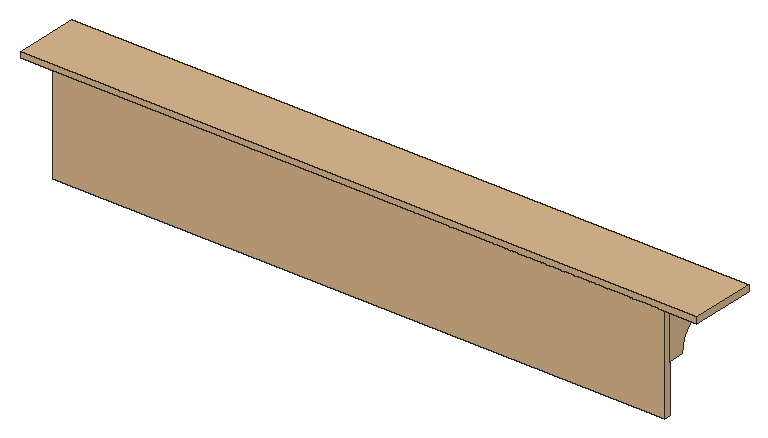
Revit family "Wall Coat Rack_Complete", category Furniture, host Wall, Revit 2021
Family settings
  Host = Wall
  Always vertical = Yes
  Cut with Voids When Loaded = No
  Shared = No
  Room Calculation Point = No
Parameters (values of type "84 wide 12 high")
  Width = 7' - 0"
  Show Hook = yes
  Number of Hooks = (Width - (Hook Inset * 2)) / 0' 10"  # 7
  Mounting Height = 5' - 6"
  Hook Inset = 0' - 6"
  Hook Height = Mounting Height - (Height / 2)  # 5' - 0"
  Height = 1' - 0"
  Default Elevation = 0' - 0"
Types (4): name | Width | Show Hook | Number of Hooks | Hook Inset | Hook Height | Height
  72 wide 12 high | 6' - 0" | yes | 6 | 0' - 6" | 5' - 0" | 1' - 0"
  72 wide 8 high | 6' - 0" | yes | 6 | 0' - 5" | 5' - 2" | 0' - 8"
  60 wide 8 high (Shelf only no hooks) | 5' - 0" | no | 5 | 0' - 6" | 5' - 2" | 0' - 8"
  84 wide 12 high | 7' - 0" | yes | 7 | 0' - 6" | 5' - 0" | 1' - 0"
Reference planes (in)
  plane 1: y = 0
  plane 2 "Center (Left/Right)": x = 0.17619
  plane 3 "Back": y = 3
  plane 4 "Left": x = 42.17619
  plane 5 "Right": x = -41.82381
  plane 6 "Top": z = 66
  plane 7 "Bottom": z = 54
  plane 8 "Left Bracket": x = 38.17619
  plane 9 "Right Bracket": x = -37.82381
  plane 10 "First Hook": x = 32.17619
  plane 11 "Last Hook": x = -31.82381
Forms (in)
  Extrusion 1, solid, material "MRB - Natural Birch Wood"
    sketch origin (0, 0, 66) x (1, 0, 0) y (0, 1, 0)
      loop
        line (-41.82381, 3) -> (42.17619, 3) -> (42.17619, 11) -> (-41.82381, 11) -> (-41.82381, 3)
    from 0 to 0.75
  Extrusion 2, solid, material "MRB - Natural Birch Wood"
    sketch origin (-60, 3, 0) x (-1, 0, 0) y (0, 0, 1)
      loop
        line (-98.17619, 54) -> (-22.17619, 54) -> (-22.17619, 66) -> (-98.17619, 66) -> (-98.17619, 54)
    from 0 to 0.75
  Extrusion 3, solid, material "MRB - Natural Birch Wood"
    sketch origin (38.17619, 0, 0) x (0, 0, 1) y (0, 1, 0)
      loop
        line (66, 3.75) -> (66, 9.75) -> (64, 9.75)
        arc (64, 9.75) -> (62.82843, 6.92157) -> (60, 5.75) r 4
        line (60, 5.75) -> (60, 3.75) -> (66, 3.75)
    from 0 to 0.75
  Extrusion 4, solid, material "MRB - Natural Birch Wood"
    sketch origin (-37.82381, 0, 0) x (0, 0, 1) y (0, 1, 0)
      loop
        line (66, 3.75) -> (66, 9.75) -> (64, 9.75)
        arc (64, 9.75) -> (62.82843, 6.92157) -> (60, 5.75) r 4
        line (60, 5.75) -> (60, 3.75) -> (66, 3.75)
    from 0 to -0.75
Lines and regions (in)
  symbolic lines, style "Overhead Items"
    curve 1: line (-41.82381, 11, 0) -> (42.17619, 11, 0)
    curve 2: line (-41.82381, 3, 0) -> (-41.82381, 11, 0)
    curve 3: line (42.17619, 3, 0) -> (-41.82381, 3, 0)
    curve 4: line (42.17619, 11, 0) -> (42.17619, 3, 0)
  model lines, style "InvisibleLines"
    curve 5: line (0.17619, 3, 0) -> (0.17619, 3, 54)
Text (in)
  text "Placement Side" at (0, 40.15149, 123.01588), in view "Right"
  text "Placement Side" at (-58.6842, 42.74981, 0), in view "Ref. Level"
  text "Placement Side" at (0, 47.49176, 140.59947), in view "Left"
Dimensions and locks (in)
  locked: plane 3 "Back" to host wall
  locked: plane 8 "Left Bracket" to plane 4 "Left" at 4
  locked: plane 5 "Right" to plane 9 "Right Bracket" at 4
  "Height": plane 7 "Bottom" to plane 6 "Top"
  equal spacing: plane 5 "Right", plane 2 "Center (Left/Right)", plane 4 "Left"
  "Width": plane 5 "Right" to plane 4 "Left"
  "Mounting Height": level to plane 6 "Top"
  "Hook Inset": plane 10 "First Hook" to plane 8 "Left Bracket"
  "Hook Inset": plane 9 "Right Bracket" to plane 11 "Last Hook"
  equal spacing: group 2, group 7, group 6, group 5, group 4, group 3, group 1
  equal spacing: group 1, group 3, group 4, group 5, group 6, group 7, group 2  (x2)
  aligned and locked: Extrusion 1 to plane 6 "Top"
  aligned and locked: Extrusion 1 to plane 4 "Left"
  aligned and locked: plane 5 "Right" to Extrusion 1
  aligned and locked: Extrusion 2 to plane 8 "Left Bracket"
  aligned and locked: plane 9 "Right Bracket" to Extrusion 2
  aligned and locked: plane 6 "Top" to Extrusion 2
  aligned and locked: Extrusion 2 to plane 7 "Bottom"
  aligned and locked: curve 1 to Extrusion 1  (x2)
  aligned and locked: Extrusion 1 to curve 4
  aligned and locked: curve 4 to Extrusion 1
  aligned and locked: nested 1 to Extrusion 2
  aligned and locked: nested 1 to plane 10 "First Hook"
  aligned and locked: nested 2 to plane 11 "Last Hook"
Automatic sketch dimensions
  Extrusion 1 sketch curve to plane 5 "Right" = 0' - 0"
  Extrusion 1 sketch curve to plane 4 "Left" = 0' - 0"
  Extrusion 1 sketch curve to host wall = 0' - 0"
  host wall to Extrusion 1 sketch curve = 0' - 8"
  Extrusion 3 sketch curve to plane 6 "Top" = 0' - 0"
  Extrusion 3 sketch curve to Extrusion 3 sketch curve = 0' - 2"
  host wall to Extrusion 3 sketch curve = 0' - 2 3/4"
  Extrusion 3 sketch curve to Extrusion 3 sketch curve = 0' - 4"
  host wall to Extrusion 3 sketch curve = 0' - 0 3/4"
  Extrusion 4 sketch curve to plane 6 "Top" = 0' - 0"
  Extrusion 4 sketch curve to Extrusion 4 sketch curve = 0' - 2"
  host wall to Extrusion 4 sketch curve = 0' - 2 3/4"
  Extrusion 4 sketch curve to Extrusion 4 sketch curve = 0' - 4"
  host wall to Extrusion 4 sketch curve = 0' - 0 3/4"
  curve 5 to plane 2 "Center (Left/Right)" = 0' - 0"
  curve 5 to level = 0' - 0"
  curve 5 to plane 7 "Bottom" = 0' - 0"
  Extrusion 2 sketch curve to plane 6 "Top" = 0' - 0"
  plane 8 "Left Bracket" to Extrusion 2 sketch curve = 0' - 0"
  plane 9 "Right Bracket" to Extrusion 2 sketch curve = 0' - 0"
  Extrusion 2 sketch curve to plane 7 "Bottom" = 0' - 0"
Nested families (in)
  nested 1: "Coat Hook" at (32.17619, 3.75, 60), built-in parameter 1001360 <- "Hook Height", visible <- "Show Hook", type "Coat Hook"
  nested 2: "Coat Hook" at (-31.82381, 3.75, 60), built-in parameter 1001360 <- "Hook Height", visible <- "Show Hook", type "Coat Hook"
  nested 3: "Coat Hook" at (21.50953, 3.75, 60), built-in parameter 1001360 <- "Hook Height", visible <- "Show Hook", type "Coat Hook"
  nested 4: "Coat Hook" at (10.84286, 3.75, 60), built-in parameter 1001360 <- "Hook Height", visible <- "Show Hook", type "Coat Hook"
  nested 5: "Coat Hook" at (0.17619, 3.75, 60), built-in parameter 1001360 <- "Hook Height", visible <- "Show Hook", type "Coat Hook"
  nested 6: "Coat Hook" at (-10.49047, 3.75, 60), built-in parameter 1001360 <- "Hook Height", visible <- "Show Hook", type "Coat Hook"
  nested 7: "Coat Hook" at (-21.15714, 3.75, 60), built-in parameter 1001360 <- "Hook Height", visible <- "Show Hook", type "Coat Hook"
Definition of nested family "Coat Hook"
  Parameters
    Default Elevation = 0' - 0"
  Reference planes (in)
    plane 1 "Center (Front/Back)": y = 0
    plane 2: z = 0
    plane 3 "Center (Left/Right)": x = 0
  Forms (in)
    Revolve 1, solid
      sketch origin (0, 0, 0) x (1, 0, 0) y (0, 1, 0)
        loop
          line (0, 0) -> (0.5, 0)
          arc (0.5, 0) -> (0.31665, 2) -> (0.5, 4) r 11
          line (0.5, 4) -> (0, 4) -> (0, 0)
        axis (0, 0) -> (0, 4)
      angle from 0 to 360
  Dimensions and locks (in)
    aligned and locked: plane 2 to level
